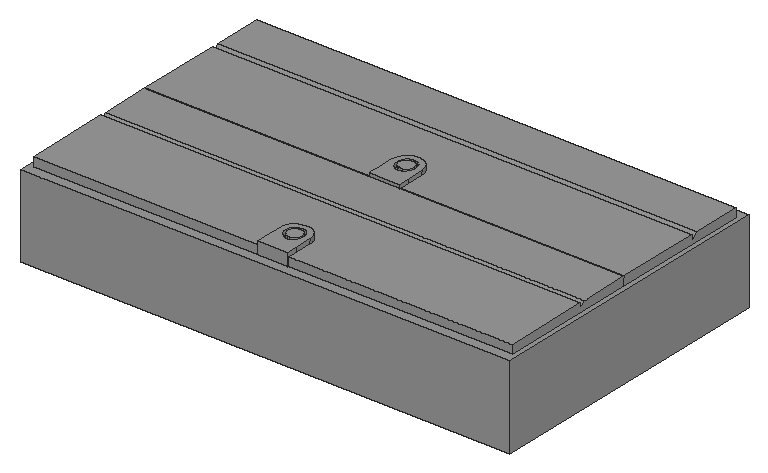
Revit family "ElectricalEquipment_Hager_Design30_HighIntegrityDual", category Electrical Equipment, host Face, Revit 2015
Parameters (values of type "VM80810CU")
  _DistributedBy = "www.bimstore.co.uk"
  _CurrentRevision = 0
  _CreatedBy = "MajentaSolutions"
  _BimstoreBibleVersion = "V14"
  _BimSpecGuid = 0
  _Author = "MajentaSolutions"
  WarrantyStartDate [instance] = ""
  WarrantyGuarantorParts = "2"
  WarrantyGuarantorLabor = ""
  WarrantyDurationUnit = "Years"
  WarrantyDurationParts = 2
  WarrantyDurationLabor = 0
  WarrantyDescription = "See Manufacturer"
  Voltage = "230V"
  URL = "http://www.hager.co.uk/"
  TypeName = "ElectricalEquipment_HighIntegrity_VM80810CU"
  Type Comments = Model  # "VM80810CU"
  TagNumber [instance] = ""
  SustainabilityPerformance = ""
  Size = ""
  built-in parameter 1140080 [instance] = "16kA"
  Shape = "Rectangular"
  ServiceLifeDuration = 0
  SerialNumber [instance] = EAN  # "3250610458853"
  ReplacementCost = 0
  NominalWidth = NominalDepth  # 102.5 mm
  NominalLength = 480 mm  # constant formula
  NominalHeight = 293 mm
  NominalDepth = 102.5 mm  # constant formula
  Neutral Rating = 1  # 100.00%
  NBSReference = ClassificationValue  # "Pr_80_77_28_16"
  NBSOfficeMasterTag = "n/a"
  NBSObjectName = "Hager_HighIntegrity_VM80810CU"
  NBSNote = ""
  NBSDescription = Category  # "ElectricalEquipment"
  ModelReference = Model  # "VM80810CU"
  ModelNumber = Model  # "VM80810CU"
  ModelLabel = ""
  Model = "VM80810CU"
  built-in parameter 1140079 [instance] = (empty or 0)
  Material = "MildSteel,ABS,AcousticComposite"
  ManufacturerName = "Hager"
  Manufacturer = "Hager"
  Mains Type = "AC"
  Keynote = "V"
  InstallationDate [instance] = ""
  IfcExportType = "ElectricalEquipment"
  IfcExportAs = "ElectricalEquipment"
  Grade = ""
  Finish = ""
  Features = Description  # "DualRowHighIntegrity8+10Way100ASW2*80A30mARCCB"
  ExpectedLife = 10
  EAN = "3250610458853"
  DurationUnit = "Years"
  DocumentationTechnical = "http://www.hager.co.uk/product-catalogue/energy-distribution/consumer-units/design-range-of-consumer-units/design-30/51045.htm"
  DocumentationMaintenance = ""
  DocumentationLiterature = "http://www.hager.co.uk/product-catalogue/energy-distribution/consumer-units/design-range-of-consumer-units/design-30/51045.htm"
  DocumentationInstallationGuide = ""
  DocumentationCertificates = ""
  Description = "DualRowHighIntegrity8+10Way100ASW2*80A30mARCCB"
  Default Elevation = 500 mm
  CreatedOn = "22.06.17"
  CreatedBy = "MajentaSolutions"
  Constituents = ""
  Colour = "RAL9010WhiteGloss"
  CodePerformance = ""
  ClassificationValue = "Pr_80_77_28_16"
  ClassificationName = "Uniclass2015"
  Category = "ElectricalEquipment"
  C = A / 3  # 45.667 mm
  BarCode [instance] = ""
  BIMObjectName = "Hager_ElectricalEquipment_HighIntegrity_VM80810CU"
  B = A  # 137 mm
  AssetType = "Fixed"
  AssetIdentifier [instance] = ""
  Assembly Code = "D5010"
  AccessibilityPerformance = ""
  A = (NominalHeight - 19 mm) / 2  # 137 mm
Types (12, lengths in mm): name | TypeName | Type Comments | SerialNumber | NominalHeight | NBSObjectName | ModelReference | ModelNumber | Model | Features | EAN | Description | C | BIMObjectName | B | A
  VM70810CU | "ElectricalEquipment_HighIntegrity_VM70810CU" | "VM70810CU" | "3250610458679" | 293 | "Hager_HighIntegrity_VM70810CU" | "VM70810CU" | "VM70810CU" | "VM70810CU" | "DualRowHighIntegrity8+10Way100ASW2*63A30mARCCB" | "3250610458679" | "DualRowHighIntegrity8+10Way100ASW2*63A30mARCCB" | 45.667 | "Hager_ElectricalEquipment_HighIntegrity_VM70810CU" | 137 | 137
  VM71214CU | "ElectricalEquipment_HighIntegrity_VM71214CU" | "VM71214CU" | "3250610458723" | 364 | "Hager_HighIntegrity_VM71214CU" | "VM71214CU" | "VM71214CU" | "VM71214CU" | "DualRowHighIntegrity12+14Way100ASW2*63A30mARCCB" | "3250610458723" | "DualRowHighIntegrity12+14Way100ASW2*63A30mARCCB" | 57.5 | "Hager_ElectricalEquipment_HighIntegrity_VM71214CU" | 172.5 | 172.5
  VM71820CU | "ElectricalEquipment_HighIntegrity_VM71214CU" | "VM71820CU" | "3250610458785" | 472 | "Hager_HighIntegrity_VM71820CU" | "VM71820CU" | "VM71820CU" | "VM71820CU" | "DualRowHighIntegrity18+20Way100ASW2*63A30mARCCB" | "3250610458785" | "DualRowHighIntegrity18+20Way100ASW2*63A30mARCCB" | 75.5 | "Hager_ElectricalEquipment_HighIntegrity_VM71820CU" | 226.5 | 226.5
  VM80810CU | "ElectricalEquipment_HighIntegrity_VM80810CU" | "VM80810CU" | "3250610458853" | 293 | "Hager_HighIntegrity_VM80810CU" | "VM80810CU" | "VM80810CU" | "VM80810CU" | "DualRowHighIntegrity8+10Way100ASW2*80A30mARCCB" | "3250610458853" | "DualRowHighIntegrity8+10Way100ASW2*80A30mARCCB" | 45.667 | "Hager_ElectricalEquipment_HighIntegrity_VM80810CU" | 137 | 137
  VM81214CU | "ElectricalEquipment_HighIntegrity_VM81214CU" | "VM81214CU" | "3250610458891" | 364 | "Hager_HighIntegrity_VM81214CU" | "VM81214CU" | "VM81214CU" | "VM81214CU" | "DualRowHighIntegrity12+14Way100ASW2*80A30mARCCB" | "3250610458891" | "DualRowHighIntegrity12+14Way100ASW2*80A30mARCCB" | 57.5 | "Hager_ElectricalEquipment_HighIntegrity_VM81214CU" | 172.5 | 172.5
  VM81820CU | "ElectricalEquipment_HighIntegrity_VM81214CU" | "VM81820CU" | "3250610459041" | 472 | "Hager_HighIntegrity_VM81820CU" | "VM81820CU" | "VM81820CU" | "VM81820CU" | "DualRowHighIntegrity18+20Way100ASW2*80A30mARCCB" | "3250610459041" | "DualRowHighIntegrity18+20Way100ASW2*80A30mARCCB" | 75.5 | "Hager_ElectricalEquipment_HighIntegrity_VM81820CU" | 226.5 | 226.5
  VM70810CUK | "ElectricalEquipment_HighIntegrity_VM70810CUK" | "VM70810CUK" | "3250610458686" | 293 | "Hager_HighIntegrity_VM70810CUK" | "VM70810CUK" | "VM70810CUK" | "VM70810CUK" | "DualRowHighIntegrity8+10Way100ASW2*80A30mARCCBKnockout" | "3250610458686" | "DualRowHighIntegrity8+10Way100ASW2*80A30mARCCBKnockout" | 45.667 | "Hager_ElectricalEquipment_HighIntegrity_VM70810CUK" | 137 | 137
  VM71214CUK | "ElectricalEquipment_HighIntegrity_VM71214CUK" | "VM71214CUK" | "3250610458730" | 364 | "Hager_HighIntegrity_VM71214CUK" | "VM71214CUK" | "VM71214CUK" | "VM71214CUK" | "DualRowHighIntegrity12+14Way100ASW2*80A30mARCCBKnockout" | "3250610458730" | "DualRowHighIntegrity12+14Way100ASW2*80A30mARCCBKnockout" | 57.5 | "Hager_ElectricalEquipment_HighIntegrity_VM71214CUK" | 172.5 | 172.5
  VM71820CUK | "ElectricalEquipment_HighIntegrity_VM71214CUK" | "VM71820CUK" | "3250610458792" | 472 | "Hager_HighIntegrity_VM71820CUK" | "VM71820CUK" | "VM71820CUK" | "VM71820CUK" | "DualRowHighIntegrity18+20Way100ASW2*80A30mARCCBKnockout" | "3250610458792" | "DualRowHighIntegrity18+20Way100ASW2*80A30mARCCBKnockout" | 75.5 | "Hager_ElectricalEquipment_HighIntegrity_VM71820CUK" | 226.5 | 226.5
  VM80810CUK | "ElectricalEquipment_HighIntegrity_VM80810CUK" | "VM80810CUK" | "3250610458860" | 293 | "Hager_HighIntegrity_VM80810CUK" | "VM80810CUK" | "VM80810CUK" | "VM80810CUK" | "DualRowHighIntegrity8+10Way100ASW2*80A30mARCCBKnockout" | "3250610458860" | "DualRowHighIntegrity8+10Way100ASW2*80A30mARCCBKnockout" | 45.667 | "Hager_ElectricalEquipment_HighIntegrity_VM80810CUK" | 137 | 137
  VM81214CUK | "ElectricalEquipment_HighIntegrity_VM81214CUK" | "VM81214CUK" | "3250610458945" | 364 | "Hager_HighIntegrity_VM81214CUK" | "VM81214CUK" | "VM81214CUK" | "VM81214CUK" | "DualRowHighIntegrity12+14Way100ASW2*80A30mARCCBKnockout" | "3250610458945" | "DualRowHighIntegrity12+14Way100ASW2*80A30mARCCBKnockout" | 57.5 | "Hager_ElectricalEquipment_HighIntegrity_VM81214CUK" | 172.5 | 172.5
  VM81820CUK | "ElectricalEquipment_HighIntegrity_VM81214CUK" | "VM81820CUK" | "3250610459058" | 472 | "Hager_HighIntegrity_VM81820CUK" | "VM81820CUK" | "VM81820CUK" | "VM81820CUK" | "DualRowHighIntegrity18+20Way100ASW2*80A30mARCCBKnockout" | "3250610459058" | "DualRowHighIntegrity18+20Way100ASW2*80A30mARCCBKnockout" | 75.5 | "Hager_ElectricalEquipment_HighIntegrity_VM81820CUK" | 226.5 | 226.5
Reference planes
  plane 1 "Center (Front/Back)": y = 0
  plane 2: z = 0
  plane 3 "Center (Left/Right)": x = 0
  plane 4: x = 240
  plane 5: x = -240
  plane 6: y = -147
  plane 7: y = 146
  plane 8: y = 141.5
  plane 9: z = 81.373
  plane 10: z = 93.239
  plane 11: z = 81.373
  plane 12: y = 137
  plane 13: y = 5
  plane 14: y = -45.667
  plane 15: y = -126.9
  plane 16: y = -140.536
  plane 17: z = 84.686
  plane 18: x = -235
  plane 19: x = 235
  plane 20: y = -137
  plane 21: z = 89.951
  plane 22: y = 91.333
  plane 23: y = 83.333
  plane 24: y = -53.928
  plane 25: z = 82.892
  plane 26: z = 84.686
Forms (mm)
  Extrusion 1, solid, material "MildSteel,ABS,AcousticComposite", detail levels medium+fine
    sketch origin (0, 0, 0) x (1, 0, 0) y (0, 1, 0)
      loop
        line (-240, 146) -> (-240, -147) -> (240, -147) -> (240, 146) -> (-240, 146)
    from 0 to 81.373
  Extrusion 2, solid, material "MildSteel,ABS,AcousticComposite", detail levels medium+fine
    sketch origin (0, 0, 0) x (1, 0, 0) y (0, 1, 0)
      loop
        line (-235, 0) -> (235, 0) -> (235, 137) -> (-235, 137) -> (-235, 0)
    from 81.373 to 89.951
  Extrusion 3, solid, material "MildSteel,ABS,AcousticComposite", detail levels medium+fine
    sketch origin (-442.241, 143.693, 0) x (1, 0, 0) y (0, 1, 0)
      loop
        line (207.241, -280.693) -> (677.241, -280.693) -> (677.241, -143.693) -> (207.241, -143.693) -> (207.241, -280.693)
    from 81.373 to 89.951
  Extrusion 4, void
    sketch origin (0, 0, 0) x (0, 1, 0) y (0, 0, 1)
      loop
        line (83.333, 93.239) -> (83.333, 82.892) -> (91.333, 93.239) -> (83.333, 93.239)
    from -235 to 235
  Extrusion 5, void
    sketch origin (0, 0, 0) x (0, 1, 0) y (0, 0, 1)
      loop
        line (-53.928, 84.686) -> (-45.667, 93.239) -> (-53.928, 93.239) -> (-53.928, 84.686)
    from -235 to 235
Cuts and joins
  Extrusion 4 cuts Extrusion 2
  Extrusion 5 cuts Extrusion 3
Lines and regions (mm)
  reference lines
    curve 1: line (-235, -137, 0) -> (235, -137, 0)
  model lines
    curve 2: line (-240, 146.5, 0) -> (-240, -111, 0)
    curve 3: line (240, 146.5, 0) -> (240, -81.167, 0)
    curve 4: line (-235, 101, 0) -> (-235, 0.001, 0)
    curve 5: line (-235, 0.001, 0) -> (-235, -101, 0)
    curve 6: line (235, 0.001, 0) -> (235, 101, 0)
    curve 7: line (235, -71.167, 0) -> (235, 0.001, 0)
    curve 8: line (-235, 0.001, 0) -> (-235, -137, 0)
    curve 9: line (-235, -53.928, 0) -> (235, -53.928, 0)
    curve 10: line (-235, -48.843, 0) -> (235, -48.843, 0)
    curve 11: line (-235, 83.333, 0) -> (235, 83.333, 0)
    curve 12: line (-235, 88.791, 0) -> (235, 88.791, 0)
    curve 13: line (-14.949, 2.559, 0) -> (-14.949, 0, 0)
    curve 14: line (-14.813, 9.691, 0) -> (-14.949, 2.559, 0)
    curve 15: line (-14.813, 27.026, 0) -> (-14.813, 9.691, 0)
    curve 16: spline (14.764, 27.026, 0) -> (14.26, 30.848, 0) -> (12.783, 34.41, 0) -> (10.433, 37.469, 0) -> (7.37, 39.815, 0) -> (3.803, 41.291, 0) -> (-0.024, 41.794, 0) -> (-3.852, 41.291, 0) -> (-7.419, 39.815, 0) -> (-10.482, 37.469, 0) -> (-12.832, 34.41, 0) -> (-14.309, 30.848, 0) -> (-14.813, 27.026, 0)
    curve 17: line (14.764, 9.691, 0) -> (14.764, 27.026, 0)
    curve 18: line (14.949, 0, 0) -> (14.764, 9.691, 0)
    curve 19: arc (8.962, 26.997, 0) -> (7.013, 20.325, 0) -> (1.53, 16.052, 0) r 11.311
    curve 20: arc (1.53, 16.052, 0) -> (-0.024, 15.778, 0) -> (-1.578, 16.052, 0) r 4.537
    curve 21: arc (-1.578, 16.052, 0) -> (-7.06, 20.325, 0) -> (-9.009, 26.997, 0) r 11.311
    curve 22: spline (-9.009, 26.997, 0) -> (-8.703, 29.321, 0) -> (-7.806, 31.486, 0) -> (-6.377, 33.346, 0) -> (-4.516, 34.773, 0) -> (-2.349, 35.67, 0) -> (-0.024, 35.976, 0) -> (2.302, 35.67, 0) -> (4.469, 34.773, 0) -> (6.33, 33.346, 0) -> (7.758, 31.486, 0) -> (8.656, 29.321, 0) -> (8.962, 26.997, 0)
    curve 23: arc (7.145, 26.754, 0) -> (0, 33.899, 0) -> (-7.145, 26.754, 0) r 7.145
    curve 24: arc (-7.145, 26.754, 0) -> (0, 19.609, 0) -> (7.145, 26.754, 0) r 7.145
    curve 25: line (-14.949, -134.441, 0) -> (-14.949, -137, 0)
    curve 26: line (-14.813, -127.309, 0) -> (-14.949, -134.441, 0)
    curve 27: line (-14.813, -109.974, 0) -> (-14.813, -127.309, 0)
    curve 28: spline (14.764, -109.974, 0) -> (14.26, -106.152, 0) -> (12.783, -102.59, 0) -> (10.433, -99.531, 0) -> (7.37, -97.185, 0) -> (3.803, -95.709, 0) -> (-0.024, -95.206, 0) -> (-3.852, -95.709, 0) -> (-7.419, -97.185, 0) -> (-10.482, -99.531, 0) -> (-12.832, -102.59, 0) -> (-14.309, -106.152, 0) -> (-14.813, -109.974, 0)
    curve 29: line (14.764, -127.309, 0) -> (14.764, -109.974, 0)
    curve 30: line (14.949, -137, 0) -> (14.764, -127.309, 0)
    curve 31: arc (8.962, -110.003, 0) -> (7.013, -116.675, 0) -> (1.53, -120.948, 0) r 11.311
    curve 32: arc (1.53, -120.948, 0) -> (-0.024, -121.222, 0) -> (-1.578, -120.948, 0) r 4.537
    curve 33: arc (-1.578, -120.948, 0) -> (-7.06, -116.675, 0) -> (-9.009, -110.003, 0) r 11.311
    curve 34: spline (-9.009, -110.003, 0) -> (-8.703, -107.679, 0) -> (-7.806, -105.514, 0) -> (-6.377, -103.654, 0) -> (-4.516, -102.227, 0) -> (-2.349, -101.33, 0) -> (-0.024, -101.024, 0) -> (2.302, -101.33, 0) -> (4.469, -102.227, 0) -> (6.33, -103.654, 0) -> (7.758, -105.514, 0) -> (8.656, -107.679, 0) -> (8.962, -110.003, 0)
    curve 35: arc (7.145, -110.246, 0) -> (0, -103.101, 0) -> (-7.145, -110.246, 0) r 7.145
    curve 36: arc (-7.145, -110.246, 0) -> (0, -117.391, 0) -> (7.145, -110.246, 0) r 7.145
  symbolic lines, detail levels coarse+medium
    curve 37: line (-239.252, 0, 120) -> (-239.252, 0, 0)
    curve 38: line (-239.252, 0, 0) -> (240.748, 0, 0)
    curve 39: line (240.748, 0, 0) -> (240.748, 0, 120)
    curve 40: line (240.748, 0, 120) -> (-239.252, 0, 120)
    curve 41: line (240.748, 0, 120) -> (-240.546, 0, 0)
  symbolic lines, not visible, detail levels coarse+medium
    curve 42: line (-353.498, 0, 512.331) -> (-353.498, 0, 392.331)
    curve 43: line (-353.498, 0, 392.331) -> (126.502, 0, 392.331)
    curve 44: line (126.502, 0, 392.331) -> (126.502, 0, 512.331)
    curve 45: line (126.502, 0, 512.331) -> (-353.498, 0, 512.331)
    curve 46: line (126.502, 0, 512.331) -> (-354.791, 0, 392.331)
Dimensions and locks
  equal spacing: plane 5, plane 3 "Center (Left/Right)", plane 4
  locked: plane 10 to plane 11 at 11.866
  plane 10 to plane 2 = 93.239 mm
  "NominalLength": plane 5 to plane 4
  "NominalHeight": plane 6 to plane 7
  locked: plane 5 to plane 18 at 5
  locked: plane 19 to plane 4 at 5
  plane 20 to plane 6 = 10 mm
  "A": plane 1 "Center (Front/Back)" to plane 12
  "B": plane 20 to plane 1 "Center (Front/Back)"
  "C": plane 14 to plane 1 "Center (Front/Back)"
  "C": plane 12 to plane 22
  locked: plane 22 to plane 23 at 8
  locked: plane 24 to plane 14 at 8.261
  aligned and locked: plane 2 to host face
  aligned and locked: level to host face
  aligned and locked: Extrusion 1 sketch curve to plane 5
  aligned and locked: Extrusion 1 sketch curve to plane 6
  aligned and locked: Extrusion 1 sketch curve to plane 4
  aligned and locked: Extrusion 1 sketch curve to plane 7
  aligned and locked: curve 2 to plane 5
  aligned and locked: curve 3 to plane 4
  aligned and locked: plane 9 to Extrusion 1
  aligned and locked: plane 10 to nested 1
  aligned and locked: plane 11 to Extrusion 1
  aligned and locked: Extrusion 1 to plane 11
  aligned and locked: plane 1 "Center (Front/Back)" to nested 1
  aligned and locked: plane 3 "Center (Left/Right)" to nested 1
  aligned and locked: plane 3 "Center (Left/Right)" to nested 2
  aligned and locked: nested 2 to plane 20
  aligned and locked: Extrusion 2 sketch curve to plane 18
  aligned and locked: Extrusion 2 sketch curve to plane 19
  aligned and locked: Extrusion 2 sketch curve to plane 1 "Center (Front/Back)"
  aligned and locked: Extrusion 2 sketch curve to plane 12
  aligned and locked: Extrusion 3 sketch curve to plane 18
  aligned and locked: Extrusion 3 sketch curve to plane 19
  aligned and locked: Extrusion 3 sketch curve to plane 20
  aligned and locked: Extrusion 3 sketch curve to plane 1 "Center (Front/Back)"
  aligned and locked: Extrusion 2 to plane 11
  aligned and locked: plane 21 to Extrusion 2
  aligned and locked: Extrusion 3 to plane 11
  aligned and locked: plane 21 to Extrusion 3
  aligned and locked: plane 10 to Extrusion 4 sketch curve
  aligned and locked: Extrusion 4 sketch curve to plane 23
  aligned and locked: plane 22 to Extrusion 4 sketch curve
  aligned and locked: plane 25 to Extrusion 4 sketch curve
  aligned and locked: plane 18 to cut or joined group of Extrusion 2, Extrusion 4
  aligned and locked: plane 19 to cut or joined group of Extrusion 2, Extrusion 4
  aligned and locked: plane 26 to Extrusion 5 sketch curve
  aligned and locked: Extrusion 5 sketch curve to plane 10
  aligned and locked: plane 19 to cut or joined group of Extrusion 3, Extrusion 5
  aligned and locked: plane 18 to cut or joined group of Extrusion 3, Extrusion 5
  aligned and locked: curve 8 to cut or joined group of Extrusion 3, Extrusion 5
  aligned and locked: curve 9 to cut or joined group of Extrusion 3, Extrusion 5
  aligned and locked: curve 10 to cut or joined group of Extrusion 3, Extrusion 5
  aligned and locked: curve 11 to cut or joined group of Extrusion 2, Extrusion 4
  aligned and locked: curve 12 to cut or joined group of Extrusion 2, Extrusion 4
  aligned and locked: curve 13 to nested 1
  aligned and locked: curve 14 to nested 1
  aligned and locked: curve 15 to nested 1
  aligned and locked: curve 17 to nested 1
  aligned and locked: curve 18 to nested 1
  aligned and locked: curve 19 to nested 1
  aligned and locked: curve 20 to nested 1
  aligned and locked: curve 21 to nested 1
  aligned and locked: curve 23 to nested 1
  aligned and locked: curve 24 to nested 1
  aligned and locked: curve 25 to nested 2
  aligned and locked: curve 26 to nested 2
  aligned and locked: curve 27 to nested 2
  aligned and locked: curve 29 to nested 2
  aligned and locked: curve 30 to nested 2
  aligned and locked: curve 31 to nested 2
  aligned and locked: curve 32 to nested 2
  aligned and locked: curve 33 to nested 2
  aligned and locked: curve 35 to nested 2
  aligned and locked: curve 36 to nested 2
Automatic sketch dimensions
  host sketch curve to host sketch curve = 2438.4 mm  (x2)
  curve 1 to plane 18 = 0 mm
  curve 1 to plane 19 = 0 mm
  curve 1 to plane 20 = 0 mm
  Extrusion 5 sketch curve to plane 24 = 0 mm
  Extrusion 5 sketch curve to plane 14 = 0 mm
  curve 7 to plane 24 = 17.239 mm
  curve 2 to curve 5 = 10 mm
  curve 7 to plane 1 "Center (Front/Back)" = 0.001 mm
  curve 6 to plane 8 = 40.5 mm
  curve 2 to plane 7 = 0.5 mm
  curve 3 to plane 7 = 0.5 mm
  curve 4 to plane 1 "Center (Front/Back)" = 0.001 mm
  curve 6 to plane 19 = 0 mm
  curve 4 to plane 8 = 40.5 mm
  curve 3 to curve 7 = 10 mm
  curve 2 to plane 15 = 15.9 mm
  curve 8 to plane 20 = 0 mm
  curve 9 to plane 24 = 0 mm
  curve 10 to plane 18 = 0 mm
  curve 12 to plane 18 = 0 mm
  curve 11 to plane 18 = 0 mm
  plane 1 "Center (Front/Back)" to curve 13 = 0 mm
  curve 11 to plane 19 = 0 mm
  curve 12 to plane 19 = 0 mm
  curve 11 to plane 23 = 0 mm
  plane 13 to curve 14 = 2.441 mm
  curve 14 to plane 3 "Center (Left/Right)" = 14.949 mm
  curve 14 to plane 13 = 4.691 mm
  curve 14 to curve 14 = 0.136 mm
  curve 12 to plane 22 = 2.542 mm
  curve 14 to curve 15 = 17.335 mm
  curve 16 to plane 3 "Center (Left/Right)" = 0.024 mm
  curve 17 to plane 13 = 4.691 mm
  plane 1 "Center (Front/Back)" to curve 18 = 0 mm
  curve 17 to curve 18 = 0.185 mm
  curve 19 to plane 3 "Center (Left/Right)" = 2.344 mm
  curve 20 to plane 3 "Center (Left/Right)" = 0.024 mm
  curve 20 to curve 16 = 6.711 mm
  curve 19 to curve 16 = 0.347 mm
  curve 20 to plane 3 "Center (Left/Right)" = 1.578 mm
  plane 3 "Center (Left/Right)" to curve 20 = 1.53 mm
  curve 19 to curve 20 = 0 mm
  curve 19 to curve 16 = 5.802 mm
  plane 3 "Center (Left/Right)" to curve 21 = 2.297 mm
  curve 21 to curve 20 = 0 mm
  curve 23 to plane 3 "Center (Left/Right)" = 0 mm
  curve 23 to curve 22 = 0.243 mm
  curve 21 to curve 23 = 1.864 mm
  curve 25 to plane 20 = 0 mm
  plane 20 to curve 26 = 2.559 mm
  curve 26 to plane 3 "Center (Left/Right)" = 14.949 mm
  curve 26 to curve 26 = 0.136 mm
  curve 26 to curve 26 = 7.132 mm
  curve 27 to curve 27 = 17.335 mm
  curve 28 to plane 3 "Center (Left/Right)" = 0.024 mm
  plane 20 to curve 29 = 9.691 mm
  curve 30 to plane 20 = 0 mm
  curve 29 to curve 30 = 0.185 mm
  curve 31 to plane 3 "Center (Left/Right)" = 2.344 mm
  curve 32 to plane 3 "Center (Left/Right)" = 0.024 mm
  curve 32 to curve 28 = 6.711 mm
  curve 31 to curve 28 = 0.347 mm
  curve 32 to plane 3 "Center (Left/Right)" = 1.578 mm
  plane 3 "Center (Left/Right)" to curve 32 = 1.53 mm
  curve 31 to curve 32 = 0 mm
  curve 31 to curve 28 = 5.802 mm
  plane 3 "Center (Left/Right)" to curve 33 = 2.297 mm
  curve 33 to curve 32 = 0 mm
  curve 35 to curve 36 = 0 mm  (x2)
  curve 36 to plane 3 "Center (Left/Right)" = 0 mm
  curve 35 to curve 34 = 0.243 mm
  curve 33 to curve 35 = 1.864 mm
Nested families
  nested 1: "ClipDouble" at (0, 0, 0), type "ClipDouble"
  nested 2: "ClipDouble" at (0, -137, 0), type "ClipDouble"
Connectors
  electrical at (0, -0.5, 0)
    settings: on Extrusion 1, index 1, voltage 0 V, apparent load 0 VA, apparent load phase1 0 VA, apparent load phase2 0 VA, apparent load phase3 0 VA, power factor 1, load classification "Other", number of poles 1, system type 31, power factor state 1, is connector primary yes, connector utility no, sub classification motor no, connector description ""
Definition of nested family "ClipDouble"
  Reference planes
    plane 1 "Center (Front/Back)": y = 0
    plane 2: z = 0
    plane 3 "Center (Left/Right)": x = 0
  Forms (mm)
    Extrusion 1, solid
      sketch origin (-415.355, 111.469, 0) x (1, 0, 0) y (0, 1, 0)
        loop
          line (430.119, -101.778) -> (430.119, -84.443)
          spline (430.119, -84.443) -> (429.615, -80.621) -> (428.138, -77.059) -> (425.788, -74) -> (422.725, -71.653) -> (419.158, -70.178) -> (415.331, -69.675) -> (411.503, -70.178) -> (407.936, -71.653) -> (404.873, -74) -> (402.523, -77.059) -> (401.046, -80.621) -> (400.542, -84.443)
          line (400.542, -84.443) -> (400.542, -101.778) -> (400.406, -108.91) -> (400.406, -111.469) -> (430.304, -111.469) -> (430.119, -101.778)
        loop
          spline (424.317, -84.472) -> (424.011, -82.148) -> (423.113, -79.982) -> (421.685, -78.123) -> (419.824, -76.696) -> (417.657, -75.799) -> (415.331, -75.493) -> (413.006, -75.799) -> (410.838, -76.696) -> (408.977, -78.123) -> (407.549, -79.982) -> (406.652, -82.148) -> (406.346, -84.472)
          arc (406.346, -84.472) -> (408.294, -91.144) -> (413.777, -95.416) r 11.311
          arc (413.777, -95.416) -> (415.331, -95.691) -> (416.885, -95.416) r 4.537
          arc (416.885, -95.416) -> (422.368, -91.144) -> (424.317, -84.472) r 11.311
        loop
          circle (415.355, -84.715) r 7.145
      from 80 to 93.239
  Lines and regions (mm)
    reference lines
      curve 1: line (0, 42.184, 0) -> (0, 0, 0)
  Dimensions and locks
    aligned and locked: level to plane 2
